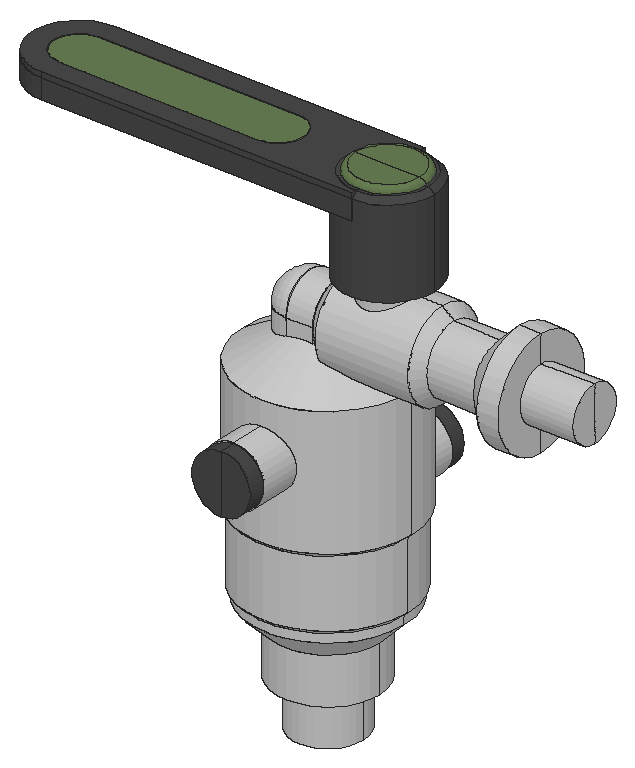
Revit family "HERZ Tap Valve With Integrated System Separator 0300", category Rohrzubehör, Revit 2021
Family settings
  Bemaßung runder Anschluss = Durchmesser verwenden
  Teiletyp = Unterbricht
  OmniClass-Nummer = 23.65.55.14
  OmniClass-Titel = Valves for Liquid Services
  Arbeitsebenenbasiert = Nein
  Immer vertikal = Ja
  Beim Laden mit Abzugskörper schneiden = Nein
  Gemeinsam genutzt = Nein
Parameters (values of type "DN15 auf DN20")
  W02 = 60.00°  # constant formula
  W01 = 45.00°  # constant formula
  Vorgabe-Ansicht = 0.000 mm
  URL = "www.herzvalves.com"
  System separator cartridge = "high quality, lime-repellent plastic."  # constant formula
  STL02 = 37.500 mm  # constant formula
  STL01 = 33.000 mm  # constant formula
  STD02 = 8.200 mm  # constant formula
  STD01 = 8.500 mm  # constant formula
  SCTWSEQ = "AW;SBT_TYP_AW=\"104\";2"
  SCTWCODE = "04;12;02"  # constant formula
  S05 = R03 - 2.000 mm  # 10.400 mm
  S04 = 33.000 mm  # constant formula
  S03 = 25.000 mm  # constant formula
  S02 = 45.000 mm  # constant formula
  S01 = 13.000 mm  # constant formula
  R09 = 13.000 mm  # constant formula
  R05 = 8.000 mm  # constant formula
  R04 = 8.500 mm  # constant formula
  R03 = 12.400 mm  # constant formula
  R02 = 9.500 mm  # constant formula
  R01 = 15.000 mm  # constant formula
  NennweiteEin [instance] = if([15_20], 15.000 mm, if([20_20], 20.000 mm, if([20_25], 20.000 mm, 0.000 mm)))  # 15.000 mm
  NennweiteAus [instance] = if([15_20], 20.000 mm, if([20_20], 20.000 mm, if([20_25], 25.000 mm, 0.000 mm)))  # 20.000 mm
  Model = "The system separator of type BA integrated in this take-off fitting has been developed according to the standard DIN EN 1717.\r\nAccording to this standard, the water quality is divided up into 5 classes depending on the degree of contamination.\r\nSystem separators of type BA provide protection against non-drinking water up to hazard class 4.\r\nThis is the highest hazard class that may be safeguarded with a valve.\r\nThe installation of a dirt trap upstream of the system separator helps to guarantee constant and faultless function.\r\nIt is only possible to install this fitting vertically."
  Medium = "Water (without steam)"  # constant formula
  Max. permissible temperature (short-term) = 80 °C  # constant formula
  Max. operating temperature = 65 °C  # constant formula
  Max. operating pressure = 1000000.0 Pa  # constant formula
  LO01 = 34.500 mm  # constant formula
  L11 = 77.500 mm  # constant formula
  L10 = 57.500 mm  # constant formula
  L09 = 58.000 mm  # constant formula
  L08 = 2.500 mm  # constant formula
  L07 = 26.000 mm  # constant formula
  L06 = 6.000 mm  # constant formula
  L05 = 15.000 mm  # constant formula
  L04 = 5.000 mm  # constant formula
  L03 = 100.000 mm  # constant formula
  L02 = 58.000 mm  # constant formula
  L01 = 75.000 mm  # constant formula
  Installation position = "vertical"  # constant formula
  Note = "Pursuant to Article 33 of the REACH Regulation (EC No. 1907/2006), we are obliged to point out that the material lead is listed on the SVHC list and that all brass components manufactured in our products exceed 0.1% (w / w) lead (CAS: 7439-92-1 / EINECS: 231-100-4).\r\nSince lead is a component part of an alloy, actual exposure is not possible and therefore no additional information on safe use is necessary."
  Hersteller = "HERZ Armaturen Ges.m.b.H."  # constant formula
  H08 = 15.000 mm  # constant formula
  H07 = 36.000 mm  # constant formula
  H06 = 19.000 mm  # constant formula
  H05 = 2.500 mm  # constant formula
  H04 = 13.000 mm  # constant formula
  H03 = 13.000 mm  # constant formula
  H02 = 105.000 mm  # constant formula
  H01 = 146.000 mm - H02  # 41.000 mm
  Seals = "EPDM"  # constant formula
  Part number = if([15_20], "I030001", if([20_20], "I030002", if([20_25], "I030012", "0")))  # "I030001"
  Body = "pressed brass (CW617N), chrome-plated."  # constant formula
  Application = "This take-off fitting with integrated system separator (BA) is designed for installation above a drainage fixture or for outdoor installation (e.g. as a garden valve).\r\nThe fitting comprises an intake-side ball valve and a downstream system separator of type BA according to DIN EN 1717."
  20_25 = no
  20_20 = no
  15_20 = yes
  D05 = 14.500 mm  # constant formula
  D04 = 21.500 mm  # constant formula
  D03 = 22.500 mm  # constant formula
  D02 = 7.000 mm  # constant formula
  D01 = 23.500 mm  # constant formula
  AGein [instance] = NennweiteEin / 2  # 7.500 mm
  AGaus [instance] = NennweiteAus / 2  # 10.000 mm
Types (4, lengths in mm): name | NennweiteEin | NennweiteAus | Part number | 20_25 | 20_20 | 15_20 | AGein | AGaus
  (no name) | 15.000 | 20.000 | "I030001" | no | no | yes | 7.500 | 10.000
  DN15 auf DN20 | 15.000 | 20.000 | "I030001" | no | no | yes | 7.500 | 10.000
  DN20 auf DN20 | 20.000 | 20.000 | "I030002" | no | yes | no | 10.000 | 10.000
  DN20 auf DN25 | 20.000 | 25.000 | "I030012" | yes | no | no | 10.000 | 12.500
Reference planes
  plane 1 "Mitte (Vorne/hinten)": y = 0
  plane 2: z = 0
  plane 3 "Mitte (Links/rechts)": x = 0
Forms (mm)
  Revolve 1, solid, material "Messing, vernickelt", detail levels fine
    sketch origin (0, 0, -213.5) x (1, 0, 0) y (0, 0, 1)
      loop
        line (0, 108.5) -> (0, 213.5) -> (-7, 213.5) -> (-7, 210.526) -> (-23.5, 201) -> (-23.5, 165) -> (-22.5, 164) -> (-22.5, 145) -> (-21.5, 144) -> (-21.5, 141.5) -> (-14.5, 134.5) -> (-14.5, 121.5) -> (-10, 121.5) -> (-10, 108.5) -> (0, 108.5)
      axis (0, 213.5) -> (0, 108.5)
    angle from 0 to 360
  Revolve 2, solid, material "Messing, vernickelt", detail levels fine
    sketch origin (0, 0, 0) x (1, 0, 0) y (0, 0, 1)
      loop
        line (2.5, 0) -> (75, 0) -> (75, 7.5) -> (60, 7.5) -> (60, 15) -> (54, 15) -> (48.5, 9.5) -> (35.3, 9.5) -> (32.4, 12.4) -> (6.4, 12.4) -> (2.5, 8.5) -> (2.5, 0)
      axis (2.5, 0) -> (75, 0)
    angle from 0 to 360
  Extrusion 3, solid, material "Messing, vernickelt", detail levels fine
    sketch origin (0, 0, 0) x (0, 1, 0) y (0, 0, 1)
      loop
        arc (8.5, 0) -> (0, 8.5) -> (-8.5, 0) r 8.5
        line (-8.5, 0) -> (-8.5, -12.5) -> (8.5, -12.5) -> (8.5, 0)
    from 2.5 to -5
  Extrusion 4, solid, material "Messing, vernickelt", detail levels fine
    sketch origin (0, 0, 0) x (1, 0, 0) y (0, 1, 0)
      loop
        circle (-5, 0) r 8.5
    from -20 to 0
  Revolve 5, solid, material "Messing, vernickelt", detail levels fine
    sketch origin (0, 0, 0) x (1, 0, 0) y (0, 1, 0)
      loop
        arc (-5, 8.5) -> (-11.01, 6.01) -> (-13.5, 0) r 8.5
        line (-13.5, 0) -> (-5, 0) -> (-5, 8.5)
      axis (-5, 0) -> (-13.5, 0)
    angle from 0 to 360
  Revolve 6, solid, material "Messing, vernickelt", detail levels fine
    sketch origin (0, 0, 0) x (1, 0, 0) y (0, 0, 1)
      loop
        line (17, 0) -> (25, 0) -> (25, 15) -> (17, 15) -> (17, 0)
      axis (17, 15) -> (17, 0)
    angle from 0 to 360
  Revolve 7, solid, material "Kunststoff SCHWARZ", detail levels fine
    sketch origin (0, 0, 0) x (1, 0, 0) y (0, 0, 1)
      loop
        line (17, 15) -> (30, 15) -> (30, 39.5) -> (28.5, 41) -> (17, 41) -> (17, 15)
      axis (17, 15) -> (17, 41)
    angle from 0 to 360
  Revolve 8, solid, material "Kunststoff GRÜN", detail levels fine
    sketch origin (0, 0, 0) x (1, 0, 0) y (0, 0, 1)
      loop
        line (17, 42.5) -> (17, 41) -> (27.5, 41)
        arc (27.5, 41) -> (27.061, 42.061) -> (26, 42.5) r 1.5
        line (26, 42.5) -> (17, 42.5)
      axis (17, 42.5) -> (17, 41)
    angle from 0 to 360
  Extrusion 9, solid, material "Kunststoff SCHWARZ", detail levels fine
    sketch origin (0, 0, 0) x (1, 0, 0) y (0, 1, 0)
      loop
        line (17, 13) -> (-70, 13)
        arc (-70, 13) -> (-83, 0) -> (-70, -13) r 13
        line (-70, -13) -> (17, -13) -> (17, 13)
    from 34 to 39.5
  Extrusion 10, solid, material "Kunststoff SCHWARZ", detail levels fine
    sketch origin (0, 0, 0) x (1, 0, 0) y (0, 1, 0)
      loop
        line (17, 13) -> (-70, 13)
        arc (-70, 13) -> (-83, 0) -> (-70, -13) r 13
        line (-70, -13) -> (17, -13) -> (17, 13)
      loop
        arc (-70, 7) -> (-77, 0) -> (-70, -7) r 7
        line (-70, -7) -> (-14, -7)
        arc (-14, -7) -> (-7, 0) -> (-14, 7) r 7
        line (-14, 7) -> (-70, 7)
    from 39.5 to 41
  Extrusion 11, solid, material "Kunststoff GRÜN", detail levels fine
    sketch origin (0, 0, 0) x (1, 0, 0) y (0, 1, 0)
      loop
        arc (-70, 7) -> (-77, 0) -> (-70, -7) r 7
        line (-70, -7) -> (-14, -7)
        arc (-14, -7) -> (-7, 0) -> (-14, 7) r 7
        line (-14, 7) -> (-70, 7)
    from 39.5 to 41
  Revolve 12, solid, material "Messing, vernickelt", detail levels fine
    sketch origin (0, 0, 0) x (0, 1, 0) y (0, 0, 1)
      loop
        line (0, -39) -> (0, -47.5) -> (33, -47.5) -> (33, -39) -> (0, -39)
      axis (33, -47.5) -> (0, -47.5)
    angle from 0 to 360
  Revolve 13, solid, material "Messing, vernickelt", detail levels fine
    sketch origin (0, 0, 0) x (0, -1, 0) y (0, 0, 1)
      loop
        line (0, -19) -> (0, -27.5) -> (33, -27.5) -> (33, -19) -> (0, -19)
      axis (33, -27.5) -> (0, -27.5)
    angle from 0 to 360
  Revolve 14, solid, material "Kunststoff SCHWARZ", detail levels fine
    sketch origin (0, 0, 0) x (0, 1, 0) y (0, 0, 1)
      loop
        line (-33, -27.5) -> (-33, -19.3) -> (-37.5, -19.3) -> (-37.5, -27.5) -> (-33, -27.5)
      axis (-33, -27.5) -> (-37.5, -27.5)
    angle from 0 to 360
  Revolve 15, solid, material "Kunststoff SCHWARZ", detail levels fine
    sketch origin (0, 0, 0) x (0, -1, 0) y (0, 0, 1)
      loop
        line (-33, -47.5) -> (-33, -39.3) -> (-37.5, -39.3) -> (-37.5, -47.5) -> (-33, -47.5)
      axis (-33, -47.5) -> (-37.5, -47.5)
    angle from 0 to 360
Lines and regions (mm)
  model lines, detail levels coarse+medium
    curve 1: line (35.5, 0, 12.4) -> (35.5, 0, -12.4)
    curve 2: line (35.5, 0, -12.4) -> (2.5, 0, 12.4)
    curve 3: line (2.5, 0, 12.4) -> (2.5, 0, -12.4)
    curve 4: line (2.5, 0, -12.4) -> (35.5, 0, 12.4)
    curve 5: circle (10.02, 0, 0) r 10.4 normal (0, -1, 0)
    curve 6: line (35.5, 0, 0) -> (75, 0, 0)
    curve 7: line (60, 0, 15) -> (60, 0, -15)
    curve 8: line (-23.5, 0, -12.4) -> (23.5, 0, -12.4)
    curve 9: line (-23.5, 0, -105) -> (-23.5, 0, -12.4)
    curve 10: line (23.5, 0, -105) -> (-23.5, 0, -105)
    curve 11: line (23.5, 0, -12.4) -> (23.5, 0, -105)
    curve 12: line (2.5, 0, 0) -> (0, 0, 0)
    curve 13: line (0, 0, 0) -> (0, 0, -12.4)
    curve 14: line (-10.5, 0, -105) -> (-10.5, 0, -80)
    curve 15: line (-10.5, 0, -57.4) -> (-10.5, 0, -12.4)
    curve 16: line (10.5, 0, -105) -> (10.5, 0, -80)
    curve 17: line (10.5, 0, -57.4) -> (10.5, 0, -12.4)
    curve 18: line (0, -23.5, -105) -> (0, 23.5, -105)
    curve 19: line (0, -23.5, -12.4) -> (0, -23.5, -105)
    curve 20: line (0, 23.5, -12.4) -> (0, -23.5, -12.4)
    curve 21: line (0, 23.5, -105) -> (0, 23.5, -12.4)
    curve 26: arc (0, -12.4, 0) -> (0, 0, 12.4) -> (0, 12.4, 0) r 12.4
  model lines
    curve 22: line (0, -10.5, -105) -> (0, -10.5, -80)
    curve 23: line (0, -10.5, -57.4) -> (0, -10.5, -12.4)
    curve 24: line (0, 10.5, -105) -> (0, 10.5, -80)
    curve 25: line (0, 10.5, -57.4) -> (0, 10.5, -12.4)
Dimensions and locks
  "H03": Revolve 1 sketch curve to Revolve 1 sketch curve
  "H04": Revolve 1 sketch curve to Revolve 1 sketch curve
  "H05": Revolve 1 sketch curve to Revolve 1 sketch curve
  "H06": Revolve 1 sketch curve to Revolve 1 sketch curve
  "H07": Revolve 1 sketch curve to Revolve 1 sketch curve
  "AGaus": Revolve 1 sketch curve to plane 3 "Mitte (Links/rechts)"
  "D01": Revolve 1 sketch curve to Revolve 1 sketch curve
  "D02": Revolve 1 sketch curve to Revolve 1 sketch curve
  "D05": Revolve 1 sketch curve to Revolve 1 sketch curve
  "D04": Revolve 1 sketch curve to Revolve 1 sketch curve
  "D03": Revolve 1 sketch curve to Revolve 1 sketch curve
  "H02": Revolve 1 sketch curve to Revolve 1 sketch curve
  "L01": Revolve 2 sketch curve to plane 3 "Mitte (Links/rechts)"
  "L05": Revolve 2 sketch curve to Revolve 2 sketch curve
  "L06": Revolve 2 sketch curve to Revolve 2 sketch curve
  "L07": Revolve 2 sketch curve to Revolve 2 sketch curve
  "AGein": Revolve 2 sketch curve to Revolve 2 sketch curve
  "R01": Revolve 2 sketch curve to Revolve 2 sketch curve
  "R02": Revolve 2 sketch curve to Revolve 2 sketch curve
  "R03": Revolve 2 sketch curve to Revolve 2 sketch curve
  "L08": Revolve 2 sketch curve to plane 3 "Mitte (Links/rechts)"
  "R04": Revolve 2 sketch curve to Revolve 2 sketch curve
  "H08": Revolve 6 sketch curve to plane 2
  "R05": Revolve 6 sketch curve to Revolve 6 sketch curve
  "L09": Revolve 6 sketch curve to Revolve 2
  "H08": Revolve 7 sketch curve to plane 2
  "R09": Revolve 7 sketch curve to Revolve 7 sketch curve
  "L02": Revolve 2 to Revolve 7 sketch curve
  "H01": Revolve 7 sketch curve to plane 2
  Revolve 7 sketch curve to Revolve 7 sketch curve = 11.500 mm
  "L02": Revolve 2 to Revolve 8 sketch curve
  Revolve 8 sketch curve to Revolve 7 = 1.500 mm
  "H01": Revolve 8 sketch curve to plane 2
  "L02": Extrusion 9 sketch curve to Revolve 2
  "R09": Extrusion 9 sketch curve to plane 1 "Mitte (Vorne/hinten)" to Extrusion 9 sketch curve
  "L03": Extrusion 9 sketch curve to Extrusion 9 sketch curve
  "L03": Extrusion 10 sketch curve to Extrusion 9
  "L02": Extrusion 10 sketch curve to Revolve 2
  "STL01": Revolve 12 sketch curve to plane 1 "Mitte (Vorne/hinten)"
  "STD01": Revolve 12 sketch curve to Revolve 12 sketch curve
  "L10": Revolve 1 to Revolve 12 sketch curve
  "STD01": Revolve 13 sketch curve to Revolve 13 sketch curve
  "STL01": plane 1 "Mitte (Vorne/hinten)" to Revolve 13 sketch curve
  "L11": Revolve 13 sketch curve to Revolve 1
  "STL01": plane 1 "Mitte (Vorne/hinten)" to Revolve 14 sketch curve
  "STL02": Revolve 13 to Revolve 14 sketch curve
  "STD02": Revolve 14 sketch curve to Revolve 14 sketch curve
  "L11": Revolve 1 to Revolve 14 sketch curve
  "D01": nested 1 to plane 3 "Mitte (Links/rechts)"
  "LO01": level to nested 1
  "STD02": Revolve 15 sketch curve to Revolve 15 sketch curve
  "L10": Revolve 15 sketch curve to Revolve 1
  "STL01": Revolve 15 sketch curve to plane 1 "Mitte (Vorne/hinten)"
  "STL02": Revolve 15 sketch curve to plane 1 "Mitte (Vorne/hinten)"
  "R03": curve 4 to plane 2 to curve 2
  "R03": curve 3 to plane 2 to curve 4
  "L08": plane 3 "Mitte (Links/rechts)" to curve 3
  "S04": curve 3 to curve 1
  "L01": curve 6 to plane 3 "Mitte (Links/rechts)"
  "R01": curve 7 to plane 2 to curve 7
  curve 7 to curve 6 = 15.000 mm
  "D01": curve 11 to plane 3 "Mitte (Links/rechts)" to curve 9
  "H02": plane 2 to curve 10
  "R03": plane 2 to curve 8
  "S01": curve 14 to curve 9
  "S01": curve 11 to curve 16
  "S01": curve 11 to curve 17
  "S01": curve 15 to curve 9
  "S02": curve 8 to curve 17
  "S02": curve 8 to curve 15
  "S03": curve 14 to curve 10
  "S03": curve 16 to curve 10
  "H02": plane 2 to curve 18
  "R03": plane 2 to curve 20
  "D01": curve 19 to plane 1 "Mitte (Vorne/hinten)" to curve 21
  "S01": curve 19 to curve 22
  "S01": curve 24 to curve 21
  "S01": curve 25 to curve 21
  "S01": curve 19 to curve 23
  "S03": curve 18 to curve 22
  "S03": curve 18 to curve 24
  "S02": curve 20 to curve 25
  "S02": curve 20 to curve 23
  "S05": radius of curve 5
  "R03": radius of curve 26
  "W01": angle Revolve 1 sketch curve to Revolve 1 sketch curve  (x3)
  "W02": angle Revolve 1 sketch curve to Revolve 1 sketch curve
  "W01": angle Revolve 2 sketch curve to Revolve 2 sketch curve  (x3)
  "W01": angle Revolve 7 sketch curve to Revolve 7 sketch curve
  aligned and locked: level to plane 2
Automatic sketch dimensions
  Extrusion 3 sketch curve to level = 0.000 mm  (x2)
  Extrusion 3 sketch curve to plane 1 "Mitte (Vorne/hinten)" = 0.000 mm
  plane 1 "Mitte (Vorne/hinten)" to Extrusion 3 sketch curve = 8.500 mm
  Extrusion 3 sketch curve to level = 12.500 mm
  plane 1 "Mitte (Vorne/hinten)" to Extrusion 4 sketch curve = 0.000 mm
  Extrusion 4 sketch curve to plane 3 "Mitte (Links/rechts)" = 5.000 mm
  Revolve 5 sketch curve to plane 1 "Mitte (Vorne/hinten)" = 0.000 mm
  plane 1 "Mitte (Vorne/hinten)" to Revolve 5 sketch curve = 0.000 mm
  Revolve 5 sketch curve to plane 3 "Mitte (Links/rechts)" = 13.500 mm
  Revolve 5 sketch curve to plane 3 "Mitte (Links/rechts)" = 5.000 mm
  Revolve 5 sketch curve to Revolve 5 sketch curve = 1986.500 mm
  plane 3 "Mitte (Links/rechts)" to Revolve 5 sketch curve = 2000.000 mm
  plane 1 "Mitte (Vorne/hinten)" to Extrusion 11 sketch curve = 0.000 mm
  Extrusion 11 sketch curve to plane 3 "Mitte (Links/rechts)" = 70.000 mm
  Extrusion 11 sketch curve to plane 1 "Mitte (Vorne/hinten)" = 7.000 mm
  Extrusion 11 sketch curve to plane 3 "Mitte (Links/rechts)" = 14.000 mm
  curve 26 to level = 0.000 mm
  curve 26 to plane 1 "Mitte (Vorne/hinten)" = 0.000 mm
  curve 12 to level = 0.000 mm
  curve 12 to plane 3 "Mitte (Links/rechts)" = 0.000 mm
  curve 5 to level = 0.000 mm
  curve 6 to level = 0.000 mm
  plane 3 "Mitte (Links/rechts)" to curve 3 = 2.500 mm
  curve 12 to curve 5 = 7.520 mm
  Revolve 1 sketch curve to level = 0.000 mm
  Revolve 1 sketch curve to plane 3 "Mitte (Links/rechts)" = 0.000 mm  (x2)
  Revolve 1 sketch curve to Revolve 1 sketch curve = 261.045 mm
  level to Revolve 1 sketch curve = 2214.315 mm
  Revolve 2 sketch curve to level = 0.000 mm  (x2)
  Revolve 2 sketch curve to plane 3 "Mitte (Links/rechts)" = 1506.530 mm
  Revolve 2 sketch curve to Revolve 2 sketch curve = 1764.148 mm
  Revolve 6 sketch curve to level = 0.000 mm  (x2)
  Revolve 6 sketch curve to Revolve 6 sketch curve = 0.000 mm  (x2)
  Revolve 7 sketch curve to Revolve 7 sketch curve = 0.000 mm  (x3)
  Revolve 8 sketch curve to Revolve 8 sketch curve = 9.000 mm
  Revolve 8 sketch curve to Revolve 8 sketch curve = 0.000 mm  (x3)
  Extrusion 9 sketch curve to Extrusion 9 sketch curve = 0.000 mm
  Extrusion 10 sketch curve to Extrusion 10 sketch curve = 0.000 mm  (x2)
  plane 1 "Mitte (Vorne/hinten)" to Extrusion 10 sketch curve = 0.000 mm
  Extrusion 10 sketch curve to plane 1 "Mitte (Vorne/hinten)" = 7.000 mm
  Extrusion 10 sketch curve to plane 3 "Mitte (Links/rechts)" = 14.000 mm
  Extrusion 10 sketch curve to Extrusion 10 sketch curve = 56.000 mm
  Revolve 12 sketch curve to plane 1 "Mitte (Vorne/hinten)" = 0.000 mm  (x2)
  Revolve 12 sketch curve to Revolve 12 sketch curve = 0.000 mm  (x2)
  Revolve 13 sketch curve to plane 1 "Mitte (Vorne/hinten)" = 0.000 mm  (x2)
  Revolve 13 sketch curve to Revolve 13 sketch curve = 0.000 mm  (x2)
  Revolve 14 sketch curve to Revolve 14 sketch curve = 0.000 mm  (x3)
  Revolve 15 sketch curve to Revolve 15 sketch curve = 0.000 mm  (x3)
  radius of Extrusion 4 sketch curve = 8.500 mm
Nested families
  nested 1: "Herz-Logo-vorne" at (-23.5, 0, -39), type "Herz-Logo-vorne", detail levels fine
Connectors
  piping at (0, 0, -105), diameter 20, driven by "NennweiteAus"
    settings: on Revolve 1, index 1, connector inside diameter 609.6 mm, connector length 0.000 mm, flow factor 0, pipe flow 0.0 L/s, pressure drop 0.0 Pa, fitting loss kfactor 0, connector angle 0.00°, fixture units 0, engagement length 0.000 mm, angle of deflection 0.00°, flow configuration 0, flow direction 2, fitting loss method 0, system type 29, joint type 0, gender type 0, connector reference index -1, connector utility 0, adjustable connector no, is connector primary yes, connector description ""
  piping at (75, 0, 0), diameter 15, driven by "NennweiteEin"
    settings: on Revolve 2, index 2, connector inside diameter 609.6 mm, connector length 0.000 mm, flow factor 0, pipe flow 0.0 L/s, pressure drop 0.0 Pa, fitting loss kfactor 0, connector angle 0.00°, fixture units 0, engagement length 0.000 mm, angle of deflection 0.00°, flow configuration 0, flow direction 1, fitting loss method 0, system type 29, joint type 0, gender type 0, connector reference index -1, connector utility 0, adjustable connector no, is connector primary no, connector description ""
Definition of nested family "Herz-Logo-vorne"
  Parameters (values of type "Herz-Logo-vorne")
    Default Elevation = 0.000 mm
  Reference planes
    plane 1 "Mitte (Vorne/hinten)": y = 0
    plane 2: z = 0
    plane 3 "Mitte (Links/rechts)": x = 0
  Forms (mm)
    Extrusion 1, solid
      sketch origin (0.732, -0.018, 0.017) x (0, -1, 0) y (0, 0, 1)
        loop
          line (-0.018, -4.517) -> (4.482, -4.517) -> (4.482, 4.483) -> (-4.518, 4.483) -> (-4.518, -4.517) -> (-0.018, -4.517)
        loop
          line (-0.05, -3.48) -> (3.482, -3.48) -> (3.482, 3.483) -> (-3.518, 3.483) -> (-3.518, -3.48) -> (-0.05, -3.48)
        loop
          arc (-0.018, 2.383) -> (-1.543, 3.287) -> (-3.067, 2.383) r 1.738
          arc (-3.067, 2.383) -> (-3.191, 1.899) -> (-3.067, 1.415) r 1.009
          line (-3.067, 1.415) -> (-0.018, -3.281) -> (3.032, 1.415)
          arc (3.032, 1.415) -> (3.156, 1.899) -> (3.032, 2.383) r 1.009
          arc (3.032, 2.383) -> (1.507, 3.287) -> (-0.018, 2.383) r 1.738
        loop
          arc (1.885, 1.272) -> (2.005, 1.675) -> (1.885, 2.079) r 0.74
          arc (1.885, 2.079) -> (1.265, 2.416) -> (0.644, 2.079) r 0.74
          line (0.644, 2.079) -> (-0.018, 0.97) -> (-0.679, 2.079)
          arc (-0.679, 2.079) -> (-1.3, 2.416) -> (-1.921, 2.079) r 0.74
          arc (-1.921, 2.079) -> (-2.04, 1.675) -> (-1.921, 1.272) r 0.74
          line (-1.921, 1.272) -> (-0.018, -1.658) -> (1.885, 1.272)
      from 0 to 1.5
  Dimensions and locks
    aligned and locked: level to plane 2
